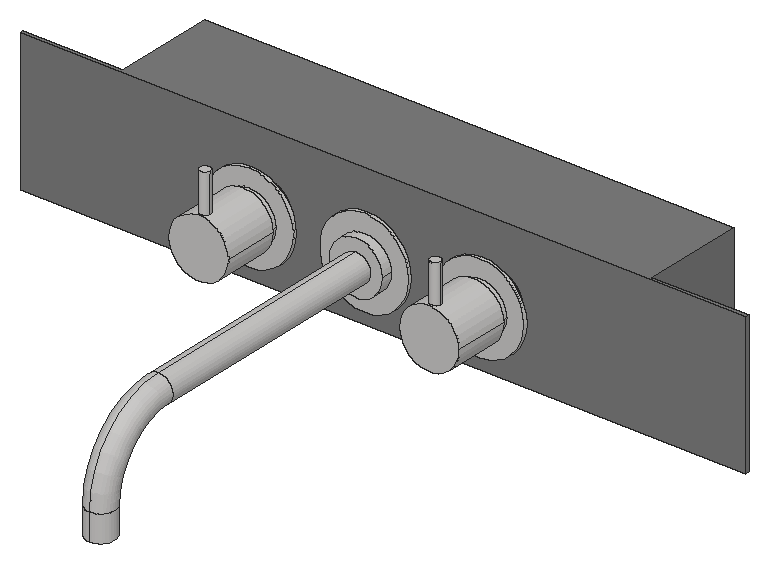
Revit family "1521", category Plumbing Fixtures, Revit 2021
Family settings
  Round Connector Dimension = Use Diameter
  Part Type = Normal
  Work Plane-Based = No
  Always vertical = Yes
  Cut with Voids When Loaded = No
  Shared = No
  Room Calculation Point = No
Parameters
  e-mail = "info@vola.com"
  URL = "http://vola.com"
  Telephone = "+45 7023 5500"
  Quality management standard = "ISO 9001"
  Organisation no. / DUNS no. = "17531328"
  Occupational health and safety management standard = "ISO 18001"
  Mounting Instructions = "http://vola.com/service/producturl.ashx?name=1521"
  Model = "1521"
  Mixer Offset [instance] = 12.00 mm
  Mixer = yes
  Materials and components information = "http://vola.com/service/producturl.ashx?name=1521"
  Manufacturer = "VOLA A/S"
  Maintenance Instructions = "http://vola.com/service/producturl.ashx?name=1521"
  Guarantee = "2 years"
  Flow = "5,00 l/min"
  Environmental management standard = "ISO 14000"
  Default Elevation = 0.00 mm
  Connection - All relevant connections = "½\" for water connection"
  Approvals = "http://vola.com/service/producturl.ashx?name=1521"
Reference planes
  plane 1 "Center (Front/Back)": y = 0
  plane 2: z = 0
  plane 3 "Center (Left/Right)": x = 0
  plane 4 "Mixer plane": y = 12
  plane 5 "Wall Surface": y = 0
Forms (mm)
  Extrusion 1, solid, material "Stainless Steel", visible <- "Mixer"
    sketch origin (-17, 11.58, 0) x (0, 0, -1) y (1, 0, 0)
      loop
        circle (0, 17) r 17
    from 0 to 11.58
  Extrusion 2, solid, material "Stainless Steel", visible <- "Mixer"
    sketch origin (60, 11.58, 0) x (0, 0, -1) y (1, 0, 0)
      loop
        circle (0, 18) r 18
    from 0 to 11.58
  Extrusion 3, solid, material "Stainless Steel", visible <- "Mixer"
    sketch origin (0, 12, 0) x (0, 0, -1) y (-1, 0, 0)
      loop
        circle (0, 78) r 18
    from 0 to -12
Dimensions and locks
  "Mixer Offset": plane 4 "Mixer plane" to plane 1 "Center (Front/Back)"
  aligned and locked: plane 2 to level
  aligned and locked: nested 1 to plane 4 "Mixer plane"
  aligned and locked: plane 1 "Center (Front/Back)" to Extrusion 2
  aligned and locked: plane 1 "Center (Front/Back)" to Extrusion 1
  aligned and locked: plane 1 "Center (Front/Back)" to Extrusion 3
Automatic sketch dimensions
  Extrusion 3 sketch curve to Extrusion 3 sketch curve = 0.00 mm  (x2)
  Extrusion 3 sketch curve to level = 0.00 mm
  Extrusion 3 sketch curve to plane 3 "Center (Left/Right)" = 60.00 mm
  Extrusion 3 sketch curve to Extrusion 3 sketch curve = 18.00 mm
  radius of Extrusion 2 sketch curve to nested 1 = 0.00 mm
  radius of Extrusion 1 sketch curve to nested 1 = 0.00 mm
Nested families
  nested 1: "1500" at (0, 83.5, -55), visible <- "Mixer", type "1500"
  nested 2: "NR17" at (-78, -2, 0), type "NR17"
  nested 3: "020" at (0, -2, 0), type "020"
  nested 4: "NR17" at (78, -2, 0), type "NR17"
  nested 5: "001" at (78, 0, 0) x (0, 0, -1) z (0, -1, 0), type "001"
  nested 6: "001" at (0, 0, 0) x (0, 0, -1) z (0, -1, 0), type "001"
  nested 7: "001" at (-78, 0, 0) x (0, 0, -1) z (0, -1, 0), type "001"
Connectors
  piping at (78, 60, -55), diameter 28
    settings: on nested 1, index 1, connector inside diameter 1.10236", connector length 0.00 mm, flow factor 0, pipe flow 0 GPM, pressure drop 0.00 psi, fitting loss kfactor 0, connector angle 0.00°, fixture units 0, engagement length 0.00 mm, angle of deflection 0.00°, flow configuration 0, flow direction 1, fitting loss method 0, system type 20, joint type 0, gender type 0, connector reference index -1, connector utility 0, adjustable connector no, is connector primary yes, connector description ""
  piping at (-78, 60, -55), diameter 28
    settings: on nested 1, index 2, connector inside diameter 1.10236", connector length 0.00 mm, flow factor 0, pipe flow 0 GPM, pressure drop 0.00 psi, fitting loss kfactor 0, connector angle 0.00°, fixture units 0, engagement length 0.00 mm, angle of deflection 0.00°, flow configuration 0, flow direction 1, fitting loss method 0, system type 19, joint type 0, gender type 0, connector reference index -1, connector utility 0, adjustable connector no, is connector primary no, connector description ""
Definition of nested family "1500"
  Parameters
    e-mail = "info@vola.com"
    URL = "http://vola.com"
    Telephone = "+45 7023 5500"
    Quality management standard = "ISO 9001"
    Organisation no. / DUNS no. = "17531328"
    Occupational health and safety management standard = "ISO 18001"
    Mounting Instructions = "http://vola.com/service/producturl.ashx?name=1500"
    Model = "1500"
    Materials and components information = "http://vola.com/service/producturl.ashx?name=1500"
    Manufacturer = "VOLA A/S"
    Maintenance Instructions = "http://vola.com/service/producturl.ashx?name=1500"
    Guarantee = "2 years"
    Flow = "64,00 l/min"
    Environmental management standard = "ISO 14000"
    Default Elevation = 0.00 mm
    Connection - All relevant connections = ""
    Approvals = "http://vola.com/service/producturl.ashx?name=1500"
  Reference planes
    plane 1 "Center (Front/Back)": y = 0
    plane 2: z = 0
    plane 3 "Center (Left/Right)": x = 0
    plane 4 "Inlet Center Plane": y = -23.5
    plane 5: z = 55
  Forms (mm)
    Extrusion 1, solid
      sketch origin (10, 0, -14) x (1, 0, 0) y (0, 1, 0)
        loop
          line (-186.5, 0) -> (-186.5, -69) -> (171.5, -69) -> (171.5, 0) -> (-186.5, 0)
      from 21.5 to 116.5
    Extrusion 2, solid
      sketch origin (10, -1, -14) x (1, 0, 0) y (0, 1, 0)
        loop
          line (-254, -68) -> (-254, -70.5) -> (236.5, -70.5) -> (236.5, -68) -> (-254, -68)
      from 21.5 to 116.5
    Extrusion 3, solid
      sketch origin (-66, 1.5, 7.5) x (0, 1, 0) y (1, 0, 0)
        loop
          circle (-25, -12) r 14
      from 0 to 7.5
    Extrusion 4, solid
      sketch origin (90, 1.5, 7.5) x (0, 1, 0) y (1, 0, 0)
        loop
          circle (-25, -12) r 14
      from 0 to 7.5
    Extrusion 5, solid
      sketch origin (65.5, -71.5, -14) x (-1, 0, 0) y (0, 0, -1)
        loop
          circle (-12.5, -69) r 18
      from 0 to 0.42
    Extrusion 6, solid
      sketch origin (-12.5, -71.5, -14) x (-1, 0, 0) y (0, 0, -1)
        loop
          circle (-12.5, -69) r 17
      from 0 to 0.42
  Cuts and joins
    joined: Extrusion 1, Extrusion 2
  Lines and regions (mm)
    reference lines
      curve 1: line (-78, -23.5, 55) -> (-78, -108.5, 55)
      curve 2: line (-78, -23.5, 55) -> (-78, -23.5, -44)
      curve 3: line (78, -23.5, 55) -> (78, -108.5, 55)
      curve 4: line (78, -23.5, 55) -> (78, -23.5, -44)
      curve 5: line (0, -23.5, 55) -> (0, -108.5, 55)
  Dimensions and locks
    aligned and locked: plane 2 to level
    aligned and locked: Extrusion 1 to Extrusion 2
    aligned and locked: Extrusion 2 to Extrusion 1
Definition of nested family "NR17"
  Parameters
    e-mail = "info@vola.com"
    URL = "http://vola.com"
    Telephone = "+45 7023 5500"
    Quality management standard = "ISO 9001"
    Organisation no. / DUNS no. = "17531328"
    Occupational health and safety management standard = "ISO 18001"
    Mounting Instructions = "http://vola.com/service/producturl.ashx?name=NR17"
    Model = "NR17"
    Materials and components information = "http://vola.com/service/producturl.ashx?name=NR17"
    Manufacturer = "VOLA A/S"
    Maintenance Instructions = "http://vola.com/service/producturl.ashx?name=NR17"
    Guarantee = "2 years"
    Environmental management standard = "ISO 14000"
    Default Elevation = 0.00 mm
    Connection - All relevant connections = ""
    Approvals = "http://vola.com/service/producturl.ashx?name=NR17"
  Reference planes
    plane 1 "Center (Front/Back)": y = 0
    plane 2: z = 0
    plane 3 "Center (Left/Right)": x = 0
  Forms (mm)
    Extrusion 1, solid
      sketch origin (0, 0, 0) x (1, 0, 0) y (0, 0, 1)
        loop
          circle (0, 0) r 20
      from 5 to 42.5
    Extrusion 2, solid
      sketch origin (0, -2.75, 0) x (0, -1, 0) y (1, 0, 0)
        loop
          circle (34.5, 0) r 3.5
      from 19 to 45.5
    Extrusion 3, solid
      sketch origin (0, 0, 0) x (1, 0, 0) y (0, 0, 1)
        loop
          circle (0, 0) r 18
      from 0 to 5
  Cuts and joins
    joined: Extrusion 1, Extrusion 2
  Dimensions and locks
    aligned and locked: plane 2 to level
Definition of nested family "020"
  Parameters
    e-mail = "info@vola.com"
    URL = "http://vola.com"
    Telephone = "+45 7023 5500"
    Quality management standard = "ISO 9001"
    Organisation no. / DUNS no. = "17531328"
    Occupational health and safety management standard = "ISO 18001"
    Mounting Instructions = "http://vola.com/service/producturl.ashx?name=020"
    Model = "020"
    Materials and components information = "http://vola.com/service/producturl.ashx?name=020"
    Manufacturer = "VOLA A/S"
    Maintenance Instructions = "http://vola.com/service/producturl.ashx?name=020"
    Guarantee = "2 years"
    Environmental management standard = "ISO 14000"
    Default Elevation = 0.00 mm
    Connection - All relevant connections = ""
    Approvals = "http://vola.com/service/producturl.ashx?name=020"
  Reference planes
    plane 1 "Center (Front/Back)": y = 0
    plane 2: z = 0
    plane 3 "Center (Left/Right)": x = 0
  Forms (mm)
    Extrusion 1, solid
      sketch origin (0, 0, 0) x (1, 0, 0) y (0, 0, 1)
        loop
          circle (0, 0) r 18
      from 0 to 7
    Sweep 2, solid
      path origin (0, 0, 0) x (0, 1, 0) y (0, 0, 1)
        loop
          line (-7, 0) -> (-174, 0)
          arc (-174, 0) -> (-208.648, -14.352) -> (-223, -49) r 49
      profile origin (0, -208.648, -14.352) x (0, 0.707107, -0.707107) y (1, 0, 0)
        loop
          circle (0, 0) r 9.5
    Extrusion 3, solid
      sketch origin (0, -223, -49) x (0, -1, 0) y (-1, 0, 0)
        loop
          circle (0, 0) r 9.5
      from 0 to 18
  Dimensions and locks
    Sweep 2 sketch curve to plane 1 "Center (Front/Back)" = 223.00 mm
    aligned and locked: plane 2 to level
Definition of nested family "001"
  Parameters
    e-mail = "info@vola.com"
    URL = "http://vola.com"
    Telephone = "+45 7023 5500"
    Quality management standard = "ISO 9001"
    Organisation no. / DUNS no. = "17531328"
    Occupational health and safety management standard = "ISO 18001"
    Mounting Instructions = "http://vola.com/service/producturl.ashx?name=001"
    Model = "001"
    Materials and components information = "http://vola.com/service/producturl.ashx?name=001"
    Manufacturer = "VOLA A/S"
    Maintenance Instructions = "http://vola.com/service/producturl.ashx?name=001"
    Guarantee = "2 years"
    Environmental management standard = "ISO 14000"
    Default Elevation = 1219.20 mm
    Connection - All relevant connections = ""
    Approvals = "http://vola.com/service/producturl.ashx?name=001"
  Reference planes
    plane 1 "Center (Front/Back)": y = 0
    plane 2: z = 0
    plane 3 "Center (Left/Right)": x = 0
  Forms (mm)
    Extrusion 1, solid
      sketch origin (0, 0, 0) x (1, 0, 0) y (0, 1, 0)
        loop
          circle (0, 0) r 16.5
        loop
          circle (0, 0) r 30
      from 0 to 2
  Dimensions and locks
    aligned and locked: plane 2 to level
